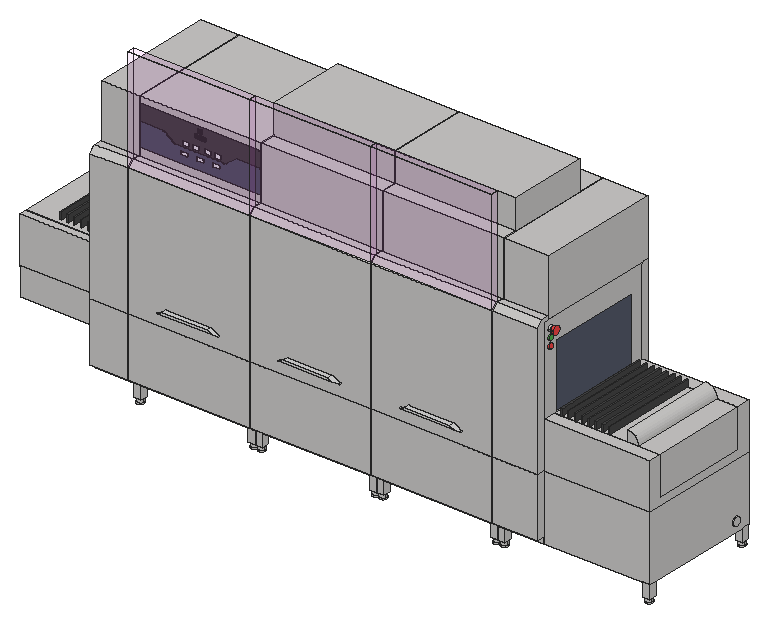
Revit family "QF_ELECTROLUXPROFESSIONAL_520041_EFTD052EL1U1D1M5EL386", category Attrezzature speciali, Revit 2020
Family settings
  Quota connettore circolare = Usa diametro
  Tipo di parte = Normale
  Basato su piano di lavoro = No
  Sempre verticale = Sì
  Taglio con vuoti quando caricato = No
  Condiviso = No
  Punto di calcolo locali = No
Parameters (values of type "Standard")
  Weight = 925.00 kg
  Watts = 42700 W
  Volts = 380 V
  URL Manufacturer = "https://www.electroluxprofessional.com/"
  URL = "https://www.electroluxprofessional.com/"
  Steam Supply Size = 0 mm
  Steam Supply Minimum Pressure = 0.0 Pa
  Steam Supply Maximum Pressure = 0.0 Pa
  Steam Consumption per Hour = 0
  Show Logo [instance] = yes
  Show Clearance [instance] = yes
  Refrigeration Suction Line Size = 0 mm
  Refrigeration Liquid Line Size = 0 mm
  Refrigerant Compressor Remote = yes
  Prospetto di default = 0 mm
  Produttore = "Electrolux Professional"
  Phase = 3
  Modello = "EFTD052EL1U1D1M5EL386"
  Length Actual = 4150 mm  # constant formula
  Item Number = "520041"
  Hot Water Size = 0 mm
  Height Actual = 1983 mm  # constant formula
  HP = "57.3 HP"
  Gas Size = 0 mm
  Gas KW = 0
  Gas Input Pressure = 0 W
  Direct Waste Size = 50.8 mm
  Descrizione = "FT, 1TANK, 5200D/H, EL., 750MM LOADING, 1000MM UNLOADING, 1DRYER, 55MM CONVEYOR,ESD,L>R,380V60HZ3P"
  Depth Actual = 946 mm  # constant formula
  Cycle = 60 Hz
  Condensate Return Size = 0 mm
  Compressed Air Volume = 0.0 L/s
  Compressed Air Size = 0 mm
  Compressed Air Pressure = 0.0 Pa
  Cold Water Size = 0 mm
  Accessory = yes
Reference planes
  plane 1 "Centro (Fronte/Retro)": y = 0
  plane 2: z = 0
  plane 3 "Centro (Sinistra/Destra)": x = 0
  plane 4: z = 115
Forms (mm)
  Extrusion 1, solid, material "QF_Finishes_Stainless Steel"
    sketch origin (432.404, 2, 1806.023) x (1, 0, 0) y (0, 0, 1)
      loop
        line (407.596, -163.023) -> (407.596, -183.023) -> (427.596, -183.023) -> (427.596, -163.023) -> (407.596, -163.023)
    from 0 to 2
  Extrusion 2, solid, material "QF_Finishes_Stainless Steel"
    sketch origin (4155.617, -934.464, 1290.159) x (0, 0, -1) y (0, -1, 0)
      loop
        circle (1102.159, -772.464) r 25
    from -9.383 to 5.617
  Extrusion 3, solid, material "QF_Finishes_Stainless Steel"
    sketch origin (1092.404, 2, 337.984) x (1, 0, 0) y (0, 0, 1)
      loop
        line (407.596, -163.023) -> (407.596, -183.023) -> (427.596, -183.023) -> (427.596, -163.023) -> (407.596, -163.023)
    from 0 to 2
  Extrusion 4, solid, material "QF_Finishes_Stainless Steel"
    sketch origin (897.841, 200.464, 109.383) x (1, 0, 0) y (0, 1, 0)
      loop
        circle (1102.159, -772.464) r 10
    from -9.383 to 5.617
Dimensions and locks
  plane 4 to level = 115 mm
  aligned and locked: level to plane 2
Nested families
  nested 1: "MODULO_CENTER_800_FAN" at (1933.563, -388.258, 0), Show Clearance <- "Show Clearance", type "MODULO_CENTER_800_FAN"
    with Show Logo yes, Show Clearance yes, R_L no, L_R yes
  nested 2: "MODULO_CENTER_800_FAN" at (2733.563, -388.258, 0), Show Clearance <- "Show Clearance", type "MODULO_CENTER_800_FAN"
    with Show Logo yes, Show Clearance yes, R_L no, L_R yes
  nested 3: "MODULO_CENTER_800" at (1133.563, -388.258, 0), Show Clearance <- "Show Clearance", type "MODULO_CENTER_800"
    with Show Logo yes, Show Clearance yes, R_L no, L_R yes
  nested 4: "MODULO_ENTRY_DISH_750" at (358.563, -388.258, 0), type "MODULO_ENTRY_DISH_750"
    with Show Logo yes, Show Clearance yes, R_L no, L_R yes
  nested 5: "MODULO_USCITA_DISH_1000" at (3508.563, -388.258, 0), type "MODULO_USCITA_DISH_1000"
    with Show Logo yes, Show Clearance yes, R_L yes, L_R no
  nested 6: "Piedino_Square_115H" at (4126.5, -73.5, 0) x (-1, 0, 0) z (0, 0, 1), type "Piedino_Square_115H"
  nested 7: "Piedino_Square_115H" at (4126.5, -838.5, 0) x (-1, 0, 0) z (0, 0, 1), type "Piedino_Square_115H"
  nested 8: "Piedino_Square_115H" at (3173.5, -73.5, 0) x (-1, 0, 0) z (0, 0, 1), type "Piedino_Square_115H"
  nested 9: "Piedino_Square_115H" at (3173.5, -838.5, 0) x (-1, 0, 0) z (0, 0, 1), type "Piedino_Square_115H"
  nested 10: "Piedino_Square_115H" at (1573.5, -838.5, 0), type "Piedino_Square_115H"
  nested 11: "Piedino_Square_115H" at (1573.5, -73.5, 0), type "Piedino_Square_115H"
  nested 12: "Piedino_Square_115H" at (2326.5, -838.5, 0), type "Piedino_Square_115H"
  nested 13: "Piedino_Square_115H" at (2326.5, -73.5, 0), type "Piedino_Square_115H"
  nested 14: "Piedino_Square_115H" at (2373.5, -838.5, 0) x (-1, 0, 0) z (0, 0, 1), type "Piedino_Square_115H"
  nested 15: "Piedino_Square_115H" at (2373.5, -73.5, 0) x (-1, 0, 0) z (0, 0, 1), type "Piedino_Square_115H"
  nested 16: "Piedino_Square_115H" at (3126.5, -838.5, 0) x (-1, 0, 0) z (0, 0, 1), type "Piedino_Square_115H"
  nested 17: "Piedino_Square_115H" at (3126.5, -73.5, 0) x (-1, 0, 0) z (0, 0, 1), type "Piedino_Square_115H"
  nested 18: "Piedino_Square_115H" at (773.5, -838.5, 0), type "Piedino_Square_115H"
  nested 19: "Piedino_Square_115H" at (773.5, -73.5, 0), type "Piedino_Square_115H"
  nested 20: "Piedino_Square_115H" at (1526.5, -838.5, 0), type "Piedino_Square_115H"
  nested 21: "Piedino_Square_115H" at (1526.5, -73.5, 0), type "Piedino_Square_115H"
  nested 22: "MANIGLIA_FLIGHT_400" at (1150, -912, 639.28) x (1, 0, 0) z (0, -1, 0), type "MANIGLIA_FLIGHT_400"
  nested 23: "MANIGLIA_FLIGHT_400" at (2750, -912, 639.28) x (1, 0, 0) z (0, -1, 0), type "MANIGLIA_FLIGHT_400"
  nested 24: "MANIGLIA_FLIGHT_400" at (1950, -912, 639.28) x (1, 0, 0) z (0, -1, 0), type "MANIGLIA_FLIGHT_400"
  nested 25: "Schermo_Flight_800" at (1150, -815, 1594.744) x (1, 0, 0) z (0, -1, 0), type "Schermo_Flight_800"
  nested 26: "ELX_LOGO_WORDS_WHITE" at (1150, -816.6, 1684.744) x (1, 0, 0) z (0, -1, 0), Show Logo <- "Show Logo", visible <- "Show Logo", type "ELX_LOGO_WORDS_WHITE"
    with Show Logo yes
  nested 27: "ELX_LOGO_MONO_SMALL_WHITE" at (1140.08, -816.6, 1670.744) x (-1, 0, 0) z (0, -1, 0), Show Logo <- "Show Logo", visible <- "Show Logo", type "ELX_LOGO_MONO_SMALL_WHITE"
    with Show Logo yes
Connectors
  electrical at (850, 2, 1633)
    settings: on Extrusion 1, index 69, voltage 0 V, apparent load 0 VA, apparent load phase1 0 VA, apparent load phase2 0 VA, apparent load phase3 0 VA, power factor 1, load classification "Altro", number of poles 1, system type 30, power factor state 1, is connector primary yes, connector utility no, sub classification motor no, connector description "EI"
  piping at (4165, -162, 188), diameter 50
    settings: on Extrusion 2, index 70, connector inside diameter 609.6 mm, connector length 0 mm, flow factor 0, pipe flow 0.0 L/s, pressure drop 0.0 Pa, fitting loss kfactor 0, connector angle 0.00°, fixture units 0, engagement length 0 mm, angle of deflection 0.00°, flow configuration 0, flow direction 0, fitting loss method 0, system type 29, joint type 0, gender type 0, connector reference index -1, connector utility 0, adjustable connector no, is connector primary yes, connector description "D"
  electrical at (1510, 2, 164.961)
    settings: on Extrusion 3, index 71, voltage 0 V, apparent load 0 VA, apparent load phase1 0 VA, apparent load phase2 0 VA, apparent load phase3 0 VA, power factor 1, load classification "Altro", number of poles 1, system type 30, power factor state 1, is connector primary no, connector utility no, sub classification motor no, connector description "EQ"
  piping at (2000, -572, 100), diameter 19.1
    settings: on Extrusion 4, index 72, connector inside diameter 609.6 mm, connector length 0 mm, flow factor 0, pipe flow 0.0 L/s, pressure drop 0.0 Pa, fitting loss kfactor 0, connector angle 0.00°, fixture units 0, engagement length 0 mm, angle of deflection 0.00°, flow configuration 0, flow direction 0, fitting loss method 0, system type 29, joint type 0, gender type 0, connector reference index -1, connector utility 0, adjustable connector no, is connector primary no, connector description "HWI/CWI"
Definition of nested family "MODULO_CENTER_800_FAN"
  Parameters (values of type "MODULO_CENTER_800_FAN")
    URL = "http://professional.electrolux.com"
    Show Logo [instance] = yes
    R_L [instance] = not(L_R)  # no
    Default Elevation = 0 mm
    Manufacturer = "Electrolux"
    Model = "ESR10E5"
    Length Actual = 800 mm
    Show Clearance [instance] = yes
    L_R [instance] = yes
    Height Actual = 1792 mm
    Description = "SINGLE RINSE RT, 100R/H, ELECTRIC 50HZ"
    Depth Actual = 912 mm
  Reference planes
    plane 1 "Center X": y = -67.742
    plane 2: z = 0
    plane 3 "LEFT": x = -383.563
    plane 4 "RIGHT": x = 416.437
    plane 5 "BACK": y = 388.258
    plane 6 "FEET": z = 115
    plane 7: z = 2092
    plane 8 "TOP": z = 1792
    plane 9 "FRONT": y = -523.742
    plane 10 "Left/Right": x = 16.437
    plane 11 "TopVent": z = 1983
  Forms (mm)
    Extrusion 1, solid
      sketch origin (416.437, 479.936, 4000) x (0, 1, 0) y (0, 0, 1)
        loop
          line (-91.678, -2208) -> (-906.678, -2208) -> (-906.678, -2580) -> (-91.678, -2580) -> (-91.678, -2208)
      from -800 to 0
    Extrusion 2, solid
      sketch origin (-383.563, 437.565, 3910) x (0, 1, 0) y (0, 0, 1)
        loop
          line (-99.307, -2490) -> (-911.307, -2490) -> (-911.307, -3552) -> (-99.307, -3552) -> (-99.307, -2490)
      from 800 to 0
    Extrusion 3, solid
      sketch origin (416.437, 479.936, 4299) x (0, 1, 0) y (0, 0, 1)
        loop
          line (-278.21, -2316) -> (-803.678, -2316) -> (-803.678, -2507) -> (-278.21, -2507) -> (-278.21, -2316)
      from -800 to 0
    Extrusion 4, solid
      sketch origin (16.437, 0, 1.5) x (0, 0, 1) y (0, -1, 0)
        loop
          line (356.5, -338.258) -> (356.5, 473.742) -> (113.5, 473.742) -> (113.5, -338.258) -> (356.5, -338.258)
      from 400 to -400
    Extrusion 5, solid
      sketch origin (16.437, 0, 0) x (0, 0, 1) y (0, -1, 0)
        loop
          line (1420, -338.258) -> (545, -338.258) -> (545, -388.258) -> (1420, -388.258) -> (1420, -338.258)
      from -400 to 400
    Extrusion 6, solid
      sketch origin (16.437, 0, 0) x (0, 0, 1) y (0, -1, 0)
        loop
          line (545, -388.258) -> (545, -338.258) -> (154, -338.258) -> (154, -388.258) -> (545, -388.258)
      from -400 to 400
    Extrusion 7, solid
      sketch origin (16.437, -882.484, -150) x (0, -1, 0) y (0, 0, 1)
        loop
          line (-358.742, 304) -> (-358.742, 695) -> (-408.742, 695) -> (-408.742, 304) -> (-358.742, 304)
      from -400 to 400
    Extrusion 8, solid
      sketch origin (16.437, -882.484, -151) x (0, -1, 0) y (0, 0, 1)
        loop
          line (-408.742, 1571) -> (-408.742, 696) -> (-358.742, 696) -> (-358.742, 1556) -> (-395.742, 1593) -> (-443.742, 1593) -> (-443.742, 1571) -> (-408.742, 1571)
      from -400 to 400
    Extrusion 9, solid, visible <- "Show Clearance"
      sketch origin (16.437, -882.484, 452) x (0, -1, 0) y (0, 0, 1)
        loop
          line (-408.742, 1640) -> (-408.742, 953.624) -> (-358.742, 953.624) -> (-358.742, 1640) -> (-408.742, 1640)
      from -400 to 400
  Dimensions and locks
    plane 3 "LEFT" to plane 4 "RIGHT" = 800 mm
    plane 5 "BACK" to plane 1 "Center X" to plane 9 "FRONT" = 456 mm, 456 mm
    plane 6 "FEET" to level = 115 mm  (x2)
    plane 6 "FEET" to plane 8 "TOP" = 1677 mm
    plane 5 "BACK" to plane 9 "FRONT" = 912 mm  (x2)
    plane 4 "RIGHT" to plane 3 "LEFT" = 800 mm
    plane 9 "FRONT" to plane 5 "BACK" = 912 mm
    level to plane 8 "TOP" = 1792 mm  (x2)
    plane 7 to level = 2092 mm
    plane 11 "TopVent" to plane 2 = 1983 mm
    plane 7 to plane 2 = 2092 mm
    Extrusion 2 to level = 1420 mm
    Extrusion 8 to level = 1442 mm
    plane 11 "TopVent" to level = 1983 mm
    aligned and locked: level to plane 2
Definition of nested family "MODULO_CENTER_800"
  Parameters (values of type "MODULO_CENTER_800")
    URL = "http://professional.electrolux.com"
    Show Logo [instance] = yes
    R_L [instance] = not(L_R)  # no
    Default Elevation = 0 mm
    Manufacturer = "Electrolux"
    Model = "ESR10E5"
    Length Actual = 800 mm
    Show Clearance [instance] = yes
    L_R [instance] = yes
    Height Actual = 1792 mm
    Description = "SINGLE RINSE RT, 100R/H, ELECTRIC 50HZ"
    Depth Actual = 912 mm
  Reference planes
    plane 1 "Center X": y = -67.742
    plane 2: z = 0
    plane 3 "LEFT": x = -383.563
    plane 4 "RIGHT": x = 416.437
    plane 5 "BACK": y = 388.258
    plane 6 "FEET": z = 115
    plane 7: z = 2092
    plane 8 "TOP": z = 1792
    plane 9 "FRONT": y = -523.742
    plane 10 "Left/Right": x = 16.437
  Forms (mm)
    Extrusion 1, solid
      sketch origin (416.437, 479.936, 4000) x (0, 1, 0) y (0, 0, 1)
        loop
          line (-91.678, -2208) -> (-906.678, -2208) -> (-906.678, -2580) -> (-91.678, -2580) -> (-91.678, -2208)
      from -800 to 0
    Extrusion 2, solid
      sketch origin (-383.563, 437.565, 3915) x (0, 1, 0) y (0, 0, 1)
        loop
          line (-99.307, -2495) -> (-911.307, -2495) -> (-911.307, -3557) -> (-99.307, -3557) -> (-99.307, -2495)
      from 800 to 0
    Extrusion 3, solid
      sketch origin (16.437, 0, 1.5) x (0, 0, 1) y (0, -1, 0)
        loop
          line (356.5, -338.258) -> (356.5, 473.742) -> (113.5, 473.742) -> (113.5, -338.258) -> (356.5, -338.258)
      from 400 to -400
    Extrusion 4, solid
      sketch origin (16.437, 0, 0) x (0, 0, 1) y (0, -1, 0)
        loop
          line (1420, -338.258) -> (545, -338.258) -> (545, -388.258) -> (1420, -388.258) -> (1420, -338.258)
      from -400 to 400
    Extrusion 5, solid
      sketch origin (16.437, 0, 0) x (0, 0, 1) y (0, -1, 0)
        loop
          line (545, -388.258) -> (545, -338.258) -> (154, -338.258) -> (154, -388.258) -> (545, -388.258)
      from -400 to 400
    Extrusion 6, solid
      sketch origin (16.437, -882.484, -150) x (0, -1, 0) y (0, 0, 1)
        loop
          line (-358.742, 304) -> (-358.742, 695) -> (-408.742, 695) -> (-408.742, 304) -> (-358.742, 304)
      from -400 to 400
    Extrusion 7, solid
      sketch origin (16.437, -882.484, -151) x (0, -1, 0) y (0, 0, 1)
        loop
          line (-408.742, 1571) -> (-408.742, 696) -> (-358.742, 696) -> (-358.742, 1556) -> (-395.742, 1593) -> (-443.742, 1593) -> (-443.742, 1571) -> (-408.742, 1571)
      from -400 to 400
    Extrusion 8, solid, visible <- "Show Clearance"
      sketch origin (16.437, -882.484, 452) x (0, -1, 0) y (0, 0, 1)
        loop
          line (-408.742, 1640) -> (-408.742, 953.624) -> (-358.742, 953.624) -> (-358.742, 1640) -> (-408.742, 1640)
      from -400 to 400
  Dimensions and locks
    plane 3 "LEFT" to plane 4 "RIGHT" = 800 mm
    plane 5 "BACK" to plane 1 "Center X" to plane 9 "FRONT" = 456 mm, 456 mm
    plane 6 "FEET" to level = 115 mm  (x2)
    plane 6 "FEET" to plane 8 "TOP" = 1677 mm
    plane 5 "BACK" to plane 9 "FRONT" = 912 mm  (x2)
    plane 4 "RIGHT" to plane 3 "LEFT" = 800 mm
    plane 9 "FRONT" to plane 5 "BACK" = 912 mm
    level to plane 8 "TOP" = 1792 mm  (x2)
    plane 7 to level = 2092 mm
    plane 7 to plane 2 = 2092 mm
    Extrusion 2 to level = 1420 mm
    Extrusion 7 to level = 1442 mm
    aligned and locked: level to plane 2
Definition of nested family "MODULO_ENTRY_DISH_750"
  Parameters (values of type "MODULO_ENTRY_DISH_750")
    URL = "http://professional.electrolux.com"
    Show Logo [instance] = yes
    R_L [instance] = not(L_R)  # no
    Default Elevation = 0 mm
    Manufacturer = "Electrolux"
    Model = "ESR10E5"
    Length Actual = 800 mm
    Show Clearance [instance] = yes
    L_R [instance] = yes
    Height Actual = 1792 mm
    Description = "SINGLE RINSE RT, 100R/H, ELECTRIC 50HZ"
    Depth Actual = 912 mm
  Reference planes
    plane 1 "Center (Front/Back)": y = -67.742
    plane 2: z = 0
    plane 3 "LEFT": x = -358.563
    plane 4 "RIGHT": x = 391.437
    plane 5 "BACK": y = 388.258
    plane 6 "FRONT": y = -523.742
    plane 7 "Left/Right": x = 16.437
    plane 8 "BUTTONS": y = -427.742
    plane 9: z = 115
    plane 10 "2": y = 292.258
  Forms (mm)
    Extrusion 1, solid, visible <- "L_R"
      sketch origin (391.437, 479.936, 4000) x (0, 1, 0) y (0, 0, 1)
        loop
          line (-91.678, -2208) -> (-906.678, -2208) -> (-906.678, -2580) -> (-91.678, -2580) -> (-91.678, -2208)
      from -250 to 0
    Extrusion 2, solid
      sketch origin (-358.563, 437.565, 3910) x (0, 1, 0) y (0, 0, 1)
        loop
          line (-99.307, -2490) -> (-911.307, -2490) -> (-911.307, -3552) -> (-99.307, -3552) -> (-99.307, -2490)
      from 750 to 500
    Extrusion 3, solid
      sketch origin (-358.563, 437.565, 3910) x (0, 1, 0) y (0, 0, 1)
        loop
          line (-99.307, -3365) -> (-99.307, -3060) -> (-149.307, -3060) -> (-149.307, -3315) -> (-861.307, -3315) -> (-861.307, -3060) -> (-911.307, -3060) -> (-911.307, -3365) -> (-99.307, -3365)
      from 500 to 0
    Extrusion 4, solid
      sketch origin (16.437, 0, -4.987) x (0, 0, 1) y (0, -1, 0)
        loop
          line (362.987, -338.258) -> (362.987, 473.742) -> (119.987, 473.742) -> (119.987, -338.258) -> (362.987, -338.258)
      from 375 to 125
    Extrusion 5, solid, visible <- "L_R"
      sketch origin (16.437, 0, 0) x (0, 0, 1) y (0, -1, 0)
        loop
          line (1420, -338.258) -> (545, -338.258) -> (545, -388.258) -> (1420, -388.258) -> (1420, -338.258)
      from 125 to 375
    Extrusion 6, solid
      sketch origin (16.437, 0, 0) x (0, 0, 1) y (0, -1, 0)
        loop
          line (545, -388.258) -> (545, -338.258) -> (154, -338.258) -> (154, -388.258) -> (545, -388.258)
      from 125 to 375
    Extrusion 7, solid
      sketch origin (-358.563, 437.565, 3607.258) x (0, 1, 0) y (0, 0, 1)
        loop
          line (-99.307, -3249.258) -> (-99.307, -3062.258) -> (-911.307, -3062.258) -> (-911.307, -3249.258) -> (-99.307, -3249.258)
      from 500 to 0
    Extrusion 8, solid
      sketch origin (-358.563, 437.565, 4000) x (0, 1, 0) y (0, 0, 1)
        loop
          line (-149.307, -3150) -> (-861.307, -3150) -> (-861.307, -3405) -> (-149.307, -3405) -> (-149.307, -3150)
      from 0 to 500
    Extrusion 9, solid
      sketch origin (266.437, -882.484, -150) x (0, -1, 0) y (0, 0, 1)
        loop
          line (-358.742, 304) -> (-358.742, 695) -> (-408.742, 695) -> (-408.742, 304) -> (-358.742, 304)
      from -125 to 125
    Extrusion 10, solid, visible <- "L_R"
      sketch origin (266.437, -882.484, -151) x (0, -1, 0) y (0, 0, 1)
        loop
          line (-408.742, 1571) -> (-408.742, 696) -> (-358.742, 696) -> (-358.742, 1556) -> (-395.742, 1593) -> (-443.742, 1593) -> (-443.742, 1571) -> (-408.742, 1571)
      from -125 to 125
    Extrusion 11, solid
      sketch origin (-358.563, 437.565, 4000) x (0, 1, 0) y (0, 0, 1)
        loop
          line (-199.307, -2725.701) -> (-811.307, -2725.701) -> (-811.307, -3137.701) -> (-199.307, -3137.701) -> (-199.307, -2725.701)
      from 495.458 to 500
    Extrusion 12, solid, visible <- "R_L"
      sketch origin (266.437, 747, -151) x (0, 1, 0) y (0, 0, -1)
        loop
          line (-408.742, -1571) -> (-443.742, -1571) -> (-443.742, -1593) -> (-395.742, -1593) -> (-358.742, -1556) -> (-358.742, -696) -> (-408.742, -696) -> (-408.742, -1571)
      from -125 to 125
    Extrusion 13, solid, visible <- "R_L"
      sketch origin (16.437, -135.484, 0) x (0, 0, 1) y (0, -1, 0)
        loop
          line (1420, 338.258) -> (1420, 388.258) -> (545, 388.258) -> (545, 338.258) -> (1420, 338.258)
      from 125 to 375
    Extrusion 14, solid, visible <- "R_L"
      sketch origin (391.437, -615.42, 4000) x (0, -1, 0) y (0, 0, -1)
        loop
          line (-91.678, 2208) -> (-91.678, 2580) -> (-906.678, 2580) -> (-906.678, 2208) -> (-91.678, 2208)
      from -250 to 0
    Extrusion 15, solid
      sketch origin (-191.477, -192.742, -3) x (-1, 0, 0) y (0, 0, 1)
        loop
          line (-26.676, 853) -> (-26.676, 898) -> (-36.676, 898) -> (-36.676, 853) -> (-26.676, 853)
      from -196 to 446
    Extrusion 16, solid
      sketch origin (-146.477, -192.742, -3) x (-1, 0, 0) y (0, 0, 1)
        loop
          line (-26.676, 853) -> (-26.676, 898) -> (-36.676, 898) -> (-36.676, 853) -> (-26.676, 853)
      from -196 to 446
    Extrusion 17, solid
      sketch origin (-101.477, -192.742, -3) x (-1, 0, 0) y (0, 0, 1)
        loop
          line (-26.676, 853) -> (-26.676, 898) -> (-36.676, 898) -> (-36.676, 853) -> (-26.676, 853)
      from -196 to 446
    Extrusion 18, solid
      sketch origin (-56.477, -192.742, -3) x (-1, 0, 0) y (0, 0, 1)
        loop
          line (-26.676, 853) -> (-26.676, 898) -> (-36.676, 898) -> (-36.676, 853) -> (-26.676, 853)
      from -196 to 446
    Extrusion 19, solid
      sketch origin (-11.477, -192.742, -3) x (-1, 0, 0) y (0, 0, 1)
        loop
          line (-26.676, 853) -> (-26.676, 898) -> (-36.676, 898) -> (-36.676, 853) -> (-26.676, 853)
      from -196 to 446
    Extrusion 20, solid
      sketch origin (33.523, -192.742, -3) x (-1, 0, 0) y (0, 0, 1)
        loop
          line (-26.676, 853) -> (-26.676, 898) -> (-36.676, 898) -> (-36.676, 853) -> (-26.676, 853)
      from -196 to 446
  Dimensions and locks
    plane 3 "LEFT" to plane 4 "RIGHT" = 750 mm
    plane 5 "BACK" to plane 1 "Center (Front/Back)" to plane 6 "FRONT" = 456 mm, 456 mm
    plane 5 "BACK" to plane 6 "FRONT" = 912 mm  (x2)
    plane 4 "RIGHT" to plane 3 "LEFT" = 750 mm  (x2)
    plane 6 "FRONT" to plane 5 "BACK" = 912 mm
    plane 9 to level = 115 mm
    Extrusion 1 to level = 1792 mm
    Extrusion 3 to level = 850 mm
    aligned and locked: level to plane 2
  Nested families
    nested 1: "BOTTONE_RED_STOP" at (141.437, -427.742, 1266.906) x (0, -1, 0) z (-1, 0, 0), visible <- "L_R", type "BOTTONE_RED_STOP"
    nested 2: "BOTTONE_EMERGENCY_STOP" at (141.437, -427.742, 1370) x (0, -1, 0) z (-1, 0, 0), visible <- "L_R", type "BOTTONE_EMERGENCY_STOP"
    nested 3: "BOTTONE_GREEN_START" at (141.437, -427.742, 1316.906) x (0, -1, 0) z (-1, 0, 0), visible <- "L_R", type "BOTTONE_GREEN_START"
    nested 4: "BOTTONE_RED_STOP" at (141.437, 292.258, 1267.906) x (0, 1, 0) z (-1, 0, 0), visible <- "R_L", type "BOTTONE_RED_STOP"
    nested 5: "BOTTONE_EMERGENCY_STOP" at (141.437, 292.258, 1371) x (0, 1, 0) z (-1, 0, 0), visible <- "R_L", type "BOTTONE_EMERGENCY_STOP"
    nested 6: "BOTTONE_GREEN_START" at (141.437, 292.258, 1317.906) x (0, 1, 0) z (-1, 0, 0), visible <- "R_L", type "BOTTONE_GREEN_START"
  Definition of nested family "BOTTONE_RED_STOP"
    Parameters (values of type "BOTTONE_RED_STOP")
      Default Elevation = 1219.2 mm
    Reference planes
      plane 1 "Centro (Fronte/Retro)": y = 0
      plane 2: z = 0
      plane 3 "Centro (Sinistra/Destra)": x = 0
    Forms (mm)
      Extrusion 1, solid
        sketch origin (0, 0, 0) x (1, 0, 0) y (0, 1, 0)
          loop
            line (-1219.2, 1219.2) -> (-1219.2, -1219.2) -> (1219.2, -1219.2) -> (1219.2, 1219.2) -> (-1219.2, 1219.2)
        from 0 to -304.8
      Extrusion 2, solid
        sketch origin (-367.513, 69.533, 15) x (-1, 0, 0) y (0, 1, 0)
          loop
            circle (-367.513, -69.533) r 15
        from 0 to 15
    Dimensions and locks
      aligned and locked: plane 2 to Extrusion 1
      aligned and locked: level to Extrusion 1
  Definition of nested family "BOTTONE_EMERGENCY_STOP"
    Parameters
      Default Elevation = 1219.2 mm
    Reference planes
      plane 1 "Centro (Fronte/Retro)": y = 0
      plane 2: z = 0
      plane 3 "Centro (Sinistra/Destra)": x = 0
    Forms (mm)
      Extrusion 1, solid
        sketch origin (0, 0, 0) x (1, 0, 0) y (0, 1, 0)
          loop
            line (-1219.2, 1219.2) -> (-1219.2, -1219.2) -> (1219.2, -1219.2) -> (1219.2, 1219.2) -> (-1219.2, 1219.2)
        from 0 to -304.8
      Extrusion 2, solid
        sketch origin (0, 0, 0) x (1, 0, 0) y (0, 1, 0)
          loop
            circle (0, 0) r 15
        from 0 to 20.273
      Blend 3, solid
        base sketch origin (-49.801, 0, 0) x (1, 0, 0) y (0, 1, 0)
          loop
            circle (49.801, 0) r 15
        top sketch origin (-49.801, 0, 0) x (1, 0, 0) y (0, 1, 0)
          loop
            circle (49.801, 0) r 25
        from 20.273 to 47.605
    Dimensions and locks
      aligned and locked: plane 2 to Extrusion 1
      aligned and locked: level to Extrusion 1
  Definition of nested family "BOTTONE_GREEN_START"
    Parameters (values of type "BOTTONE_GREEN_START")
      Default Elevation = 1219.2 mm
    Reference planes
      plane 1 "Centro (Fronte/Retro)": y = 0
      plane 2: z = 0
      plane 3 "Centro (Sinistra/Destra)": x = 0
    Forms (mm)
      Extrusion 1, solid
        sketch origin (0, 0, 0) x (1, 0, 0) y (0, 1, 0)
          loop
            line (-1219.2, 1219.2) -> (-1219.2, -1219.2) -> (1219.2, -1219.2) -> (1219.2, 1219.2) -> (-1219.2, 1219.2)
        from 0 to -304.8
      Extrusion 2, solid
        sketch origin (-367.513, 69.533, 15) x (-1, 0, 0) y (0, 1, 0)
          loop
            circle (-367.513, -69.533) r 15
        from 0 to 15
    Dimensions and locks
      aligned and locked: plane 2 to Extrusion 1
      aligned and locked: level to Extrusion 1
Definition of nested family "MODULO_USCITA_DISH_1000"
  Parameters (values of type "MODULO_USCITA_DISH_1000")
    URL = "http://professional.electrolux.com"
    Show Logo [instance] = yes
    R_L [instance] = not(L_R)  # yes
    Default Elevation = 0 mm
    Manufacturer = "Electrolux"
    Model = "ESR10E5"
    Length Actual = 800 mm
    Show Clearance [instance] = yes
    L_R [instance] = no
    Height Actual = 1792 mm
    Description = "SINGLE RINSE RT, 100R/H, ELECTRIC 50HZ"
    Depth Actual = 912 mm
  Reference planes
    plane 1 "Center (Front/Back)": y = -67.742
    plane 2: z = 0
    plane 3 "LEFT": x = -358.563
    plane 4 "BACK": y = 388.258
    plane 5 "FEET": z = 115
    plane 6 "TOP": z = 1792
    plane 7 "FRONT": y = -523.742
    plane 8 "Left/Right": x = 16.437
    plane 9: x = -358.563
    plane 10: y = -427.742
    plane 11 "RIGHT": x = 641.437
  Forms (mm)
    Extrusion 1, solid, visible <- "R_L"
      sketch origin (-358.563, 479.936, 4003) x (0, 1, 0) y (0, 0, -1)
        loop
          line (-91.678, 2211) -> (-91.678, 2583) -> (-906.678, 2583) -> (-906.678, 2211) -> (-91.678, 2211)
      from -300 to 0
    Extrusion 2, solid
      sketch origin (-358.563, 437.565, 4003) x (0, 1, 0) y (0, 0, 1)
        loop
          line (-99.307, -3458) -> (-911.307, -3458) -> (-911.307, -3888) -> (-99.307, -3888) -> (-99.307, -3458)
      from 300 to 0
    Extrusion 3, solid
      sketch origin (-358.563, 479.936, 4003) x (0, 1, 0) y (0, 0, -1)
        loop
          line (-141.678, 2583) -> (-141.678, 3458) -> (-953.678, 3458) -> (-953.678, 2583) -> (-141.678, 2583)
      from -300 to 0
    Extrusion 4, solid
      sketch origin (391.437, 437.565, 3913) x (0, 1, 0) y (0, 0, -1)
        loop
          line (-99.307, 3368) -> (-911.307, 3368) -> (-911.307, 3063) -> (-826.307, 3063) -> (-826.307, 3318) -> (-184.307, 3318) -> (-184.307, 3063) -> (-99.307, 3063) -> (-99.307, 3368)
      from 450 to -250
    Extrusion 5, solid, visible <- "R_L"
      sketch origin (16.437, 0, 3) x (0, 0, 1) y (0, 1, 0)
        loop
          line (1417, 338.258) -> (1417, 388.258) -> (542, 388.258) -> (542, 338.258) -> (1417, 338.258)
      from 75 to 375
    Extrusion 6, solid
      sketch origin (16.437, 0, 3) x (0, 0, 1) y (0, 1, 0)
        loop
          line (542, 388.258) -> (151, 388.258) -> (151, 338.258) -> (542, 338.258) -> (542, 388.258)
      from 75 to 375
    Extrusion 7, solid
      sketch origin (391.437, 437.565, 3610.258) x (0, 1, 0) y (0, 0, -1)
        loop
          line (-99.307, 3495.258) -> (-911.307, 3495.258) -> (-911.307, 3065.258) -> (-99.307, 3065.258) -> (-99.307, 3495.258)
      from 450 to -250
    Extrusion 8, solid
      sketch origin (641.437, 0, 3) x (0, 1, 0) y (0, 0, 1)
        loop
          line (253.258, 847) -> (-388.742, 847) -> (-388.742, 592) -> (253.258, 592) -> (253.258, 847)
      from 0 to -700
    Extrusion 9, solid
      sketch origin (-358.563, 437.565, 3928) x (0, 1, 0) y (0, 0, 1)
        loop
          line (-811.307, -3065.701) -> (-199.307, -3065.701) -> (-199.307, -2653.701) -> (-811.307, -2653.701) -> (-811.307, -3065.701)
      from 300 to 304.77
    Extrusion 10, solid
      sketch origin (-208.563, -115, -147) x (0, 1, 0) y (0, 0, 1)
        loop
          line (-358.742, 301) -> (-358.742, 692) -> (-408.742, 692) -> (-408.742, 301) -> (-358.742, 301)
      from -150 to 150
    Extrusion 11, solid, visible <- "R_L"
      sketch origin (-208.563, -882.484, -151) x (0, -1, 0) y (0, 0, 1)
        loop
          line (-408.742, 1571) -> (-408.742, 696) -> (-358.742, 696) -> (-358.742, 1556) -> (-395.742, 1593) -> (-443.742, 1593) -> (-443.742, 1571) -> (-408.742, 1571)
      from -150 to 150
    Extrusion 12, solid
      sketch origin (-39.574, -192.742, -3) x (-1, 0, 0) y (0, 0, 1)
        loop
          line (-26.676, 853) -> (-26.676, 898) -> (-36.676, 898) -> (-36.676, 853) -> (-26.676, 853)
      from -196 to 446
    Extrusion 13, solid
      sketch origin (5.426, -192.742, -3) x (-1, 0, 0) y (0, 0, 1)
        loop
          line (-26.676, 853) -> (-26.676, 898) -> (-36.676, 898) -> (-36.676, 853) -> (-26.676, 853)
      from -196 to 446
    Extrusion 14, solid
      sketch origin (50.426, -192.742, -3) x (-1, 0, 0) y (0, 0, 1)
        loop
          line (-26.676, 853) -> (-26.676, 898) -> (-36.676, 898) -> (-36.676, 853) -> (-26.676, 853)
      from -196 to 446
    Extrusion 15, solid
      sketch origin (95.426, -192.742, -3) x (-1, 0, 0) y (0, 0, 1)
        loop
          line (-26.676, 853) -> (-26.676, 898) -> (-36.676, 898) -> (-36.676, 853) -> (-26.676, 853)
      from -196 to 446
    Extrusion 16, solid
      sketch origin (140.426, -192.742, -3) x (-1, 0, 0) y (0, 0, 1)
        loop
          line (-26.676, 853) -> (-26.676, 898) -> (-36.676, 898) -> (-36.676, 853) -> (-26.676, 853)
      from -196 to 446
    Extrusion 17, solid
      sketch origin (185.426, -192.742, -3) x (-1, 0, 0) y (0, 0, 1)
        loop
          line (-26.676, 853) -> (-26.676, 898) -> (-36.676, 898) -> (-36.676, 853) -> (-26.676, 853)
      from -196 to 446
    Extrusion 18, solid
      sketch origin (230.426, -192.742, -3) x (-1, 0, 0) y (0, 0, 1)
        loop
          line (-26.676, 853) -> (-26.676, 898) -> (-36.676, 898) -> (-36.676, 853) -> (-26.676, 853)
      from -196 to 446
    Extrusion 19, solid
      sketch origin (275.426, -192.742, -3) x (-1, 0, 0) y (0, 0, 1)
        loop
          line (-26.676, 853) -> (-26.676, 898) -> (-36.676, 898) -> (-36.676, 853) -> (-26.676, 853)
      from -196 to 446
    Revolve 20, solid
      sketch origin (0, 0, 850) x (1, 0, 0) y (0, 1, 0)
        loop
          line (430.204, 253.258) -> (430.204, -388.742) -> (502.335, -388.742) -> (502.335, 253.258) -> (430.204, 253.258)
        axis (430.204, 253.258) -> (430.204, -388.742)
      angle from 0 to -90
    Extrusion 21, solid, visible <- "L_R"
      sketch origin (-208.563, 747, -151) x (0, 1, 0) y (0, 0, -1)
        loop
          line (-408.742, -1571) -> (-443.742, -1571) -> (-443.742, -1593) -> (-395.742, -1593) -> (-358.742, -1556) -> (-358.742, -696) -> (-408.742, -696) -> (-408.742, -1571)
      from -150 to 150
    Extrusion 22, solid, visible <- "L_R"
      sketch origin (16.437, -135.484, 3) x (0, 0, 1) y (0, 1, 0)
        loop
          line (1417, -338.258) -> (542, -338.258) -> (542, -388.258) -> (1417, -388.258) -> (1417, -338.258)
      from 75 to 375
    Extrusion 23, solid, visible <- "L_R"
      sketch origin (-358.563, -615.42, 4003) x (0, -1, 0) y (0, 0, 1)
        loop
          line (-91.678, -2211) -> (-906.678, -2211) -> (-906.678, -2583) -> (-91.678, -2583) -> (-91.678, -2211)
      from -300 to 0
  Dimensions and locks
    plane 4 "BACK" to plane 1 "Center (Front/Back)" to plane 7 "FRONT" = 456 mm, 456 mm
    plane 5 "FEET" to level = 115 mm  (x2)
    plane 4 "BACK" to plane 7 "FRONT" = 912 mm  (x2)
    plane 7 "FRONT" to plane 4 "BACK" = 912 mm
    level to plane 6 "TOP" = 1792 mm
    plane 3 "LEFT" to plane 8 "Left/Right" = 375 mm
    plane 8 "Left/Right" to plane 11 "RIGHT" = 625 mm
    plane 3 "LEFT" to plane 11 "RIGHT" = 1000 mm
    plane 9 to plane 11 "RIGHT" = 1000 mm
    plane 6 "TOP" to level = 1792 mm
    aligned and locked: level to plane 2
  Nested families
    nested 1: "BOTTONE_EMERGENCY_STOP" at (-58.563, -427.742, 1369) x (0, -1, 0) z (1, 0, 0), visible <- "R_L", type "BOTTONE_EMERGENCY_STOP"
    nested 2: "BOTTONE_GREEN_START" at (-58.563, -427.742, 1315.906) x (0, -1, 0) z (1, 0, 0), visible <- "R_L", type "BOTTONE_GREEN_START"
    nested 3: "BOTTONE_RED_STOP" at (-58.563, -427.742, 1265.906) x (0, -1, 0) z (1, 0, 0), visible <- "R_L", type "BOTTONE_RED_STOP"
    nested 4: "BOTTONE_EMERGENCY_STOP" at (-58.563, 292.258, 1369) x (0, 1, 0) z (1, 0, 0), visible <- "L_R", type "BOTTONE_EMERGENCY_STOP"
    nested 5: "BOTTONE_GREEN_START" at (-58.563, 292.258, 1315.906) x (0, 1, 0) z (1, 0, 0), visible <- "L_R", type "BOTTONE_GREEN_START"
    nested 6: "BOTTONE_RED_STOP" at (-58.563, 292.258, 1265.906) x (0, 1, 0) z (1, 0, 0), visible <- "L_R", type "BOTTONE_RED_STOP"
  Definition of nested family "BOTTONE_EMERGENCY_STOP"
    Parameters
      Default Elevation = 1219.2 mm
    Reference planes
      plane 1 "Centro (Fronte/Retro)": y = 0
      plane 2: z = 0
      plane 3 "Centro (Sinistra/Destra)": x = 0
    Forms (mm)
      Extrusion 1, solid
        sketch origin (0, 0, 0) x (1, 0, 0) y (0, 1, 0)
          loop
            line (-1219.2, 1219.2) -> (-1219.2, -1219.2) -> (1219.2, -1219.2) -> (1219.2, 1219.2) -> (-1219.2, 1219.2)
        from 0 to -304.8
      Extrusion 2, solid
        sketch origin (0, 0, 0) x (1, 0, 0) y (0, 1, 0)
          loop
            circle (0, 0) r 15
        from 0 to 20.273
      Blend 3, solid
        base sketch origin (-49.801, 0, 0) x (1, 0, 0) y (0, 1, 0)
          loop
            circle (49.801, 0) r 15
        top sketch origin (-49.801, 0, 0) x (1, 0, 0) y (0, 1, 0)
          loop
            circle (49.801, 0) r 25
        from 20.273 to 47.605
    Dimensions and locks
      aligned and locked: plane 2 to Extrusion 1
      aligned and locked: level to Extrusion 1
  Definition of nested family "BOTTONE_GREEN_START"
    Parameters (values of type "BOTTONE_GREEN_START")
      Default Elevation = 1219.2 mm
    Reference planes
      plane 1 "Centro (Fronte/Retro)": y = 0
      plane 2: z = 0
      plane 3 "Centro (Sinistra/Destra)": x = 0
    Forms (mm)
      Extrusion 1, solid
        sketch origin (0, 0, 0) x (1, 0, 0) y (0, 1, 0)
          loop
            line (-1219.2, 1219.2) -> (-1219.2, -1219.2) -> (1219.2, -1219.2) -> (1219.2, 1219.2) -> (-1219.2, 1219.2)
        from 0 to -304.8
      Extrusion 2, solid
        sketch origin (-367.513, 69.533, 15) x (-1, 0, 0) y (0, 1, 0)
          loop
            circle (-367.513, -69.533) r 15
        from 0 to 15
    Dimensions and locks
      aligned and locked: plane 2 to Extrusion 1
      aligned and locked: level to Extrusion 1
  Definition of nested family "BOTTONE_RED_STOP"
    Parameters (values of type "BOTTONE_RED_STOP")
      Default Elevation = 1219.2 mm
    Reference planes
      plane 1 "Centro (Fronte/Retro)": y = 0
      plane 2: z = 0
      plane 3 "Centro (Sinistra/Destra)": x = 0
    Forms (mm)
      Extrusion 1, solid
        sketch origin (0, 0, 0) x (1, 0, 0) y (0, 1, 0)
          loop
            line (-1219.2, 1219.2) -> (-1219.2, -1219.2) -> (1219.2, -1219.2) -> (1219.2, 1219.2) -> (-1219.2, 1219.2)
        from 0 to -304.8
      Extrusion 2, solid
        sketch origin (-367.513, 69.533, 15) x (-1, 0, 0) y (0, 1, 0)
          loop
            circle (-367.513, -69.533) r 15
        from 0 to 15
    Dimensions and locks
      aligned and locked: plane 2 to Extrusion 1
      aligned and locked: level to Extrusion 1
Definition of nested family "Piedino_Square_115H"
  Parameters (values of type "Piedino_Square_115H")
    Default Elevation = 0 mm
  Reference planes
    plane 1 "Centro (Fronte/Retro)": y = 0
    plane 2: z = 0
    plane 3 "Centro (Sinistra/Destra)": x = 0
    plane 4: z = 115
  Forms (mm)
    Extrusion 1, solid
      sketch origin (0, 0, 0) x (1, 0, 0) y (0, 1, 0)
        loop
          circle (0, 0) r 23
      from 0 to 5
    Extrusion 2, solid
      sketch origin (0, 0, 5) x (1, 0, 0) y (0, 1, 0)
        loop
          circle (0, 0) r 20
      from 0 to 25.777
    Extrusion 3, solid
      sketch origin (0, 0, 30.777) x (1, 0, 0) y (0, 1, 0)
        loop
          line (-23.5, 23.5) -> (-23.5, -23.5) -> (23.5, -23.5) -> (23.5, 23.5) -> (-23.5, 23.5)
      from 0 to 84.223
  Dimensions and locks
    plane 4 to level = 115 mm  (x2)
    radius of Extrusion 1 sketch curve = 23 mm
    aligned and locked: level to plane 2
    aligned and locked: Extrusion 1 to level
Definition of nested family "MANIGLIA_FLIGHT_400"
  Parameters
    Default Elevation = 1219.2 mm
  Reference planes
    plane 1 "Centro (Fronte/Retro)": y = 0
    plane 2: z = 0
    plane 3 "Centro (Sinistra/Destra)": x = 0
  Forms (mm)
    Extrusion 1, solid
      sketch origin (0, 0, 0) x (1, 0, 0) y (0, 1, 0)
        loop
          line (-1219.2, 1219.2) -> (-1219.2, -1219.2) -> (1219.2, -1219.2) -> (1219.2, 1219.2) -> (-1219.2, 1219.2)
      from 0 to -304.8
    Extrusion 2, solid
      sketch origin (-503, 656.113, -50) x (-1, 0, 0) y (0, 1, 0)
        loop
          line (-651.038, -638.613) -> (-703, -668.613) -> (-703, -673.613) -> (-658.503, -673.613) -> (-623.862, -653.613) -> (-382.138, -653.613) -> (-347.497, -673.613) -> (-303, -673.613) -> (-303, -668.613) -> (-354.962, -638.613) -> (-651.038, -638.613)
      from -86.258 to -50
    Extrusion 3, void
      sketch origin (0, -681.887, 358.742) x (0, 0, 1) y (0, 1, 0)
        loop
          line (-322.484, 684.387) -> (-353.281, 664.387) -> (-322.484, 664.387) -> (-322.484, 684.387)
      from -200 to 200
  Cuts and joins
    Extrusion 3 cuts Extrusion 2
  Dimensions and locks
    cut or joined group of Extrusion 2, Extrusion 3 to cut or joined group of Extrusion 2, Extrusion 3 = 400 mm
    cut or joined group of Extrusion 2, Extrusion 3 to cut or joined group of Extrusion 2, Extrusion 3 = 35 mm
    aligned and locked: plane 2 to Extrusion 1
    aligned and locked: level to Extrusion 1
Definition of nested family "Schermo_Flight_800"
  Parameters (values of type "Schermo_Flight_800")
    Default Elevation = 1219.2 mm
  Reference planes
    plane 1 "Center (Front/Back)": y = 0
    plane 2: z = 0
    plane 3 "Center (Left/Right)": x = 0
  Forms (mm)
    Extrusion 1, solid
      sketch origin (0, 0, 0) x (1, 0, 0) y (0, 1, 0)
        loop
          line (-1219.2, 1219.2) -> (-1219.2, -1219.2) -> (1219.2, -1219.2) -> (1219.2, 1219.2) -> (-1219.2, 1219.2)
      from 0 to -304.8
    Extrusion 2, solid
      sketch origin (0, -25, 0) x (1, 0, 0) y (0, 1, 0)
        loop
          line (-400, -82.94) -> (400, -82.94) -> (400, 70.507) -> (238.561, 70.507) -> (167.154, 20.507) -> (-167.154, 20.507) -> (-238.561, 70.507) -> (-400, 70.507) -> (-400, -82.94)
        loop
          line (-126.915, -7.668) -> (-126.915, -27.668) -> (-81.915, -27.668) -> (-81.915, -7.668) -> (-126.915, -7.668)
        loop
          line (-22.5, -7.668) -> (-22.5, -27.668) -> (22.5, -27.668) -> (22.5, -7.668) -> (-22.5, -7.668)
        loop
          line (126.915, -7.668) -> (81.915, -7.668) -> (81.915, -27.668) -> (126.915, -27.668) -> (126.915, -7.668)
      from 0 to 1.6
    Extrusion 3, solid
      sketch origin (0, -25, 0) x (1, 0, 0) y (0, 1, 0)
        loop
          line (-400, 177.06) -> (-400, 70.507) -> (-238.561, 70.507) -> (-167.154, 20.507) -> (167.154, 20.507) -> (238.561, 70.507) -> (400, 70.507) -> (400, 177.06) -> (-400, 177.06)
        loop
          line (-117.417, 56.68) -> (-117.417, 31.68) -> (-77.417, 31.68) -> (-77.417, 56.68) -> (-117.417, 56.68)
        loop
          line (-47.417, 56.68) -> (-47.417, 31.68) -> (-7.417, 31.68) -> (-7.417, 56.68) -> (-47.417, 56.68)
        loop
          line (27.583, 56.68) -> (27.583, 31.68) -> (67.583, 31.68) -> (67.583, 56.68) -> (27.583, 56.68)
        loop
          line (97.583, 56.68) -> (97.583, 31.68) -> (137.583, 31.68) -> (137.583, 56.68) -> (97.583, 56.68)
      from 0 to 1.6
    Extrusion 4, solid
      sketch origin (0, 0, 0) x (1, 0, 0) y (0, 1, 0)
        loop
          line (-117.417, 31.68) -> (-117.417, 6.68) -> (-77.417, 6.68) -> (-77.417, 31.68) -> (-117.417, 31.68)
        loop
          line (-47.417, 31.68) -> (-47.417, 6.68) -> (-7.417, 6.68) -> (-7.417, 31.68) -> (-47.417, 31.68)
        loop
          line (27.583, 31.68) -> (27.583, 6.68) -> (67.583, 6.68) -> (67.583, 31.68) -> (27.583, 31.68)
        loop
          line (97.583, 31.68) -> (97.583, 6.68) -> (137.583, 6.68) -> (137.583, 31.68) -> (97.583, 31.68)
        loop
          line (-126.915, -32.668) -> (-126.915, -52.668) -> (-81.915, -52.668) -> (-81.915, -32.668) -> (-126.915, -32.668)
        loop
          line (-22.5, -32.668) -> (-22.5, -52.668) -> (22.5, -52.668) -> (22.5, -32.668) -> (-22.5, -32.668)
        loop
          line (81.915, -32.668) -> (81.915, -52.668) -> (126.915, -52.668) -> (126.915, -32.668) -> (81.915, -32.668)
      from 0 to 1.6
  Dimensions and locks
    Extrusion 3 to Extrusion 3 = 800 mm
    Extrusion 2 to Extrusion 3 = 260 mm
    aligned and locked: plane 2 to Extrusion 1
    aligned and locked: level to Extrusion 1
Definition of nested family "ELX_LOGO_WORDS_WHITE"
  Parameters (values of type "ELX_LOGO_WORDS_WHITE")
    Show Logo [instance] = yes
    Default Elevation = 0 mm
  Reference planes
    plane 1 "Centro (Fronte/Retro)": y = 0
    plane 2: z = 0
    plane 3 "Centro (Sinistra/Destra)": x = 0
  Forms (mm)
    Extrusion 1, solid
      sketch origin (0, 0, 0) x (1, 0, 0) y (0, 1, 0)
        loop
          line (-1219.2, 1219.2) -> (-1219.2, -1219.2) -> (1219.2, -1219.2) -> (1219.2, 1219.2) -> (-1219.2, 1219.2)
      from 0 to -304.8
    Extrusion 2, solid, visible <- "Show Logo"
      sketch origin (0, 0, 0) x (1, 0, 0) y (0, 1, 0)
        loop
          line (-30.234, 10.561) -> (-37.67, 10.561) -> (-37.67, 1.902)
          arc (-37.67, 1.902) -> (-36.691, -0.461) -> (-34.329, -1.439) r 3.341
          line (-34.329, -1.439) -> (-30.09, -1.439) -> (-30.09, 0.503) -> (-33.845, 0.503)
          arc (-33.845, 0.503) -> (-35.079, 0.92) -> (-35.604, 2.112) r 1.615
          line (-35.604, 2.112) -> (-35.604, 3.829) -> (-30.555, 3.829) -> (-30.555, 5.779) -> (-35.604, 5.779) -> (-35.604, 8.617) -> (-30.234, 8.617) -> (-30.234, 10.561)
        loop
          line (-28.622, 10.561) -> (-28.622, -1.439) -> (-26.555, -1.439) -> (-26.555, 10.561) -> (-28.622, 10.561)
        loop
          line (16.27, 10.561) -> (16.27, -1.439) -> (18.338, -1.439) -> (18.338, 10.561) -> (16.27, 10.561)
        loop
          line (-23.137, 2.393) -> (-16.354, 2.393)
          arc (-16.354, 2.393) -> (-17.415, 6.119) -> (-21.043, 7.478) r 4.298
          arc (-21.043, 7.478) -> (-24.239, 5.857) -> (-25.151, 2.393) r 4.373
          arc (-25.151, 2.393) -> (-23.951, -0.505) -> (-21.053, -1.705) r 4.097
          arc (-21.053, -1.705) -> (-18.799, -1.372) -> (-16.908, -0.099) r 5.15
          line (-16.908, -0.099) -> (-18.133, 1.125)
          arc (-18.133, 1.125) -> (-19.74, 0.161) -> (-21.607, 0.323) r 3.039
          arc (-21.607, 0.323) -> (-22.746, 1.081) -> (-23.137, 2.393) r 2.013
        loop
          line (-23.085, 3.846) -> (-18.431, 3.846)
          arc (-18.431, 3.846) -> (-19.084, 5.22) -> (-20.519, 5.727) r 1.983
          arc (-20.519, 5.727) -> (-22.175, 5.295) -> (-23.085, 3.846) r 2.321
        loop
          line (-8.297, 4.711) -> (-6.999, 6.009)
          arc (-6.999, 6.009) -> (-8.627, 7.187) -> (-10.604, 7.539) r 4.497
          arc (-10.604, 7.539) -> (-13.621, 6.437) -> (-15.204, 3.642) r 4.652
          arc (-15.204, 3.642) -> (-12.536, -1.257) -> (-7.072, -0.127) r 4.684
          line (-7.072, -0.127) -> (-8.363, 1.163)
          arc (-8.363, 1.163) -> (-11.149, 0.242) -> (-13.145, 2.393) r 2.714
          arc (-13.145, 2.393) -> (-13.006, 4.094) -> (-11.835, 5.335) r 2.578
          arc (-11.835, 5.335) -> (-9.96, 5.621) -> (-8.297, 4.711) r 2.961
        loop
          line (-5.73, 10.561) -> (-5.73, 2.36)
          arc (-5.73, 2.36) -> (-5.551, 1.13) -> (-5.09, -0.025) r 5.301
          arc (-5.09, -0.025) -> (-3.615, -1.198) -> (-1.746, -1.445) r 3.531
          line (-1.746, -1.445) -> (-1.746, 0.492)
          arc (-1.746, 0.492) -> (-2.302, 0.534) -> (-2.82, 0.74) r 1.862
          arc (-2.82, 0.74) -> (-3.484, 1.442) -> (-3.662, 2.393) r 1.713
          line (-3.662, 2.393) -> (-3.662, 5.362) -> (-1.785, 5.362) -> (-1.785, 7.24) -> (-3.662, 7.24) -> (-3.662, 10.561) -> (-5.73, 10.561)
        loop
          arc (2.004, 3.123) -> (2.152, 3.988) -> (2.578, 4.755) r 2.607
          arc (2.578, 4.755) -> (3.817, 5.391) -> (5.208, 5.362) r 2.84
          line (5.208, 5.362) -> (5.208, 7.349)
          arc (5.208, 7.349) -> (3.39, 7.177) -> (2.004, 5.989) r 3.016
          line (2.004, 5.989) -> (2.004, 7.24) -> (-0.046, 7.24) -> (-0.046, -1.439) -> (2.004, -1.439) -> (2.004, 3.123)
        loop
          circle (10.262, 2.899) r 4.599
        loop
          circle (10.262, 2.899) r 2.787
        loop
          arc (25.793, 2.175) -> (25.283, 0.772) -> (23.898, 0.213) r 1.835
          arc (23.898, 0.213) -> (22.514, 0.772) -> (22.004, 2.175) r 1.835
          line (22.004, 2.175) -> (22.004, 7.24) -> (19.919, 7.24) -> (19.919, 2.003)
          arc (19.919, 2.003) -> (21.105, -0.701) -> (23.898, -1.659) r 3.675
          arc (23.898, -1.659) -> (26.723, -0.672) -> (27.877, 2.088) r 3.675
          line (27.877, 2.088) -> (27.877, 7.24) -> (25.793, 7.24) -> (25.793, 2.175)
        loop
          line (29.126, 7.24) -> (32.128, 3.164) -> (28.83, -1.442) -> (31.052, -1.442) -> (33.241, 1.615) -> (35.462, -1.442) -> (37.67, -1.442) -> (34.419, 3.211) -> (37.392, 7.24) -> (35.135, 7.24) -> (33.234, 4.663) -> (31.362, 7.24) -> (29.126, 7.24)
        loop
          line (-35.875, -6.414) -> (-37.523, -6.414) -> (-37.523, -10.564) -> (-36.621, -10.564) -> (-36.621, -9.135) -> (-35.625, -9.135)
          arc (-35.625, -9.135) -> (-34.509, -7.66) -> (-35.875, -6.414) r 1.372
        loop
          arc (-35.664, -8.32) -> (-35.322, -7.786) -> (-35.664, -7.253) r 0.587
          line (-35.664, -7.253) -> (-36.621, -7.253) -> (-36.621, -8.32) -> (-35.664, -8.32)
        loop
          line (-29.363, -6.414) -> (-31.04, -6.414) -> (-31.04, -10.564) -> (-30.138, -10.564) -> (-30.138, -9.135) -> (-29.265, -9.135) -> (-28.669, -10.564) -> (-27.7, -10.564) -> (-28.516, -8.814)
          arc (-28.516, -8.814) -> (-28.125, -8.347) -> (-27.994, -7.752) r 1.281
          arc (-27.994, -7.752) -> (-28.406, -6.804) -> (-29.363, -6.414) r 1.37
        loop
          line (-30.138, -7.253) -> (-30.138, -8.32) -> (-29.18, -8.32)
          arc (-29.18, -8.32) -> (-28.839, -7.786) -> (-29.18, -7.253) r 0.587
          line (-29.18, -7.253) -> (-30.138, -7.253)
        loop
          circle (-22.402, -8.489) r 2.156
        loop
          circle (-22.402, -8.489) r 1.368
        loop
          line (-16.703, -6.414) -> (-16.703, -10.564) -> (-15.823, -10.564) -> (-15.823, -9.114) -> (-14.261, -9.114) -> (-14.261, -8.184) -> (-15.823, -8.184) -> (-15.823, -7.308) -> (-14.111, -7.308) -> (-14.111, -6.414) -> (-16.703, -6.414)
        loop
          line (-10.611, -6.414) -> (-10.611, -9.216)
          arc (-10.611, -9.216) -> (-10.229, -10.166) -> (-9.284, -10.561) r 1.327
          line (-9.284, -10.561) -> (-7.945, -10.561) -> (-7.945, -9.777) -> (-9.204, -9.777)
          arc (-9.204, -9.777) -> (-9.668, -9.394) -> (-9.759, -8.799) r 0.845
          line (-9.759, -8.799) -> (-8.1, -8.799) -> (-8.1, -8.015) -> (-9.759, -8.015) -> (-9.759, -7.198) -> (-7.985, -7.198) -> (-7.985, -6.414) -> (-10.611, -6.414)
        loop
          arc (4.417, -6.94) -> (3.867, -6.489) -> (3.171, -6.345) r 1.485
          arc (3.171, -6.345) -> (2.528, -6.503) -> (2, -6.902) r 1.645
          arc (2, -6.902) -> (1.902, -7.844) -> (2.51, -8.571) r 1.217
          arc (2.51, -8.571) -> (3.021, -8.741) -> (3.506, -8.976) r 4.201
          arc (3.506, -8.976) -> (3.812, -9.337) -> (3.601, -9.761) r 0.43
          arc (3.601, -9.761) -> (3.209, -9.853) -> (2.819, -9.754) r 0.846
          arc (2.819, -9.754) -> (2.482, -9.511) -> (2.275, -9.15) r 0.983
          line (2.275, -9.15) -> (1.549, -9.489)
          arc (1.549, -9.489) -> (1.811, -9.993) -> (2.232, -10.374) r 1.595
          arc (2.232, -10.374) -> (2.71, -10.578) -> (3.227, -10.63) r 1.719
          arc (3.227, -10.63) -> (3.867, -10.503) -> (4.442, -10.197) r 2.246
          arc (4.442, -10.197) -> (4.697, -9.52) -> (4.566, -8.81) r 1.349
          arc (4.566, -8.81) -> (4.282, -8.482) -> (3.919, -8.245) r 1.564
          arc (3.919, -8.245) -> (3.46, -8.04) -> (2.99, -7.864) r 8.236
          arc (2.99, -7.864) -> (2.718, -7.441) -> (3.111, -7.128) r 0.375
          arc (3.111, -7.128) -> (3.581, -7.241) -> (3.943, -7.563) r 0.998
          line (3.943, -7.563) -> (4.417, -6.94)
        loop
          line (8.225, -6.414) -> (8.225, -10.561) -> (9.077, -10.561) -> (9.077, -6.414) -> (8.225, -6.414)
        loop
          circle (14.827, -8.488) r 1.29
        loop
          circle (14.827, -8.488) r 2.154
        loop
          line (20.548, -10.561) -> (21.409, -10.561) -> (21.409, -7.954) -> (23.306, -10.561) -> (24.135, -10.561) -> (24.135, -6.414) -> (23.274, -6.414) -> (23.274, -9.101) -> (21.377, -6.414) -> (20.548, -6.414) -> (20.548, -10.561)
        loop
          line (28.435, -10.561) -> (28.839, -9.667) -> (30.373, -9.667) -> (30.777, -10.561) -> (31.693, -10.561) -> (29.942, -6.414) -> (29.142, -6.414) -> (27.519, -10.561) -> (28.435, -10.561)
        loop
          line (29.99, -8.816) -> (29.579, -7.905) -> (29.18, -8.816) -> (29.99, -8.816)
        loop
          line (35.929, -9.777) -> (35.929, -6.414) -> (35.076, -6.414) -> (35.076, -10.561) -> (37.523, -10.561) -> (37.523, -9.777) -> (35.929, -9.777)
        loop
          arc (-1.8, -6.94) -> (-2.35, -6.489) -> (-3.046, -6.345) r 1.485
          arc (-3.046, -6.345) -> (-3.689, -6.503) -> (-4.218, -6.902) r 1.645
          arc (-4.218, -6.902) -> (-4.316, -7.844) -> (-3.708, -8.571) r 1.217
          arc (-3.708, -8.571) -> (-3.197, -8.741) -> (-2.712, -8.976) r 4.201
          arc (-2.712, -8.976) -> (-2.405, -9.337) -> (-2.616, -9.761) r 0.43
          arc (-2.616, -9.761) -> (-3.008, -9.853) -> (-3.399, -9.754) r 0.846
          arc (-3.399, -9.754) -> (-3.736, -9.511) -> (-3.942, -9.15) r 0.983
          line (-3.942, -9.15) -> (-4.668, -9.489)
          arc (-4.668, -9.489) -> (-4.407, -9.993) -> (-3.985, -10.374) r 1.595
          arc (-3.985, -10.374) -> (-3.507, -10.578) -> (-2.99, -10.63) r 1.719
          arc (-2.99, -10.63) -> (-2.351, -10.503) -> (-1.775, -10.197) r 2.246
          arc (-1.775, -10.197) -> (-1.521, -9.52) -> (-1.652, -8.81) r 1.349
          arc (-1.652, -8.81) -> (-1.936, -8.482) -> (-2.298, -8.245) r 1.564
          arc (-2.298, -8.245) -> (-2.757, -8.04) -> (-3.228, -7.864) r 8.236
          arc (-3.228, -7.864) -> (-3.5, -7.441) -> (-3.107, -7.128) r 0.375
          arc (-3.107, -7.128) -> (-2.636, -7.241) -> (-2.274, -7.563) r 0.998
          line (-2.274, -7.563) -> (-1.8, -6.94)
      from 0 to 1.644
  Dimensions and locks
    aligned and locked: plane 2 to Extrusion 1
    aligned and locked: level to Extrusion 1
Definition of nested family "ELX_LOGO_MONO_SMALL_WHITE"
  Parameters (values of type "ELX_LOGO_MONO_SMALL_WHITE")
    Show Logo [instance] = yes
    Default Elevation = 1219.2 mm
  Reference planes
    plane 1 "Center (Front/Back)": y = -49
    plane 2: z = 0
    plane 3 "Center (Left/Right)": x = -9.92
  Forms (mm)
    Extrusion 1, solid
      sketch origin (0, 0, 0) x (1, 0, 0) y (0, 1, 0)
        loop
          line (-1219.2, 1219.2) -> (-1219.2, -1219.2) -> (1219.2, -1219.2) -> (1219.2, 1219.2) -> (-1219.2, 1219.2)
      from 0 to -304.8
    Extrusion 2, solid, visible <- "Show Logo"
      sketch origin (84.462, 509.781, 0) x (1, 0, 0) y (0, 1, 0)
        loop
          line (-97.736, -569.727) -> (-97.736, -547.891)
          arc (-97.736, -547.891) -> (-105.808, -558.809) -> (-97.736, -569.727) r 11.42
        loop
          arc (-96.625, -569.727) -> (-87.544, -567.663) -> (-83.169, -559.442) r 11.191
          line (-83.169, -559.442) -> (-86.782, -559.442)
          arc (-86.782, -559.442) -> (-93.235, -562.062) -> (-96.625, -568.146) r 10.49
          line (-96.625, -568.146) -> (-96.625, -569.727)
        loop
          arc (-96.625, -549.472) -> (-93.235, -555.557) -> (-86.782, -558.176) r 10.49
          line (-86.782, -558.176) -> (-83.169, -558.176)
          arc (-83.169, -558.176) -> (-87.537, -549.888) -> (-96.625, -547.611) r 11.484
          line (-96.625, -547.611) -> (-96.625, -549.472)
        loop
          line (-82.34, -570.919) -> (-82.34, -546.65) -> (-106.642, -546.65) -> (-106.642, -570.919) -> (-82.34, -570.919)
      from 0 to 1.644
  Dimensions and locks
    aligned and locked: plane 2 to Extrusion 1
    aligned and locked: level to Extrusion 1
